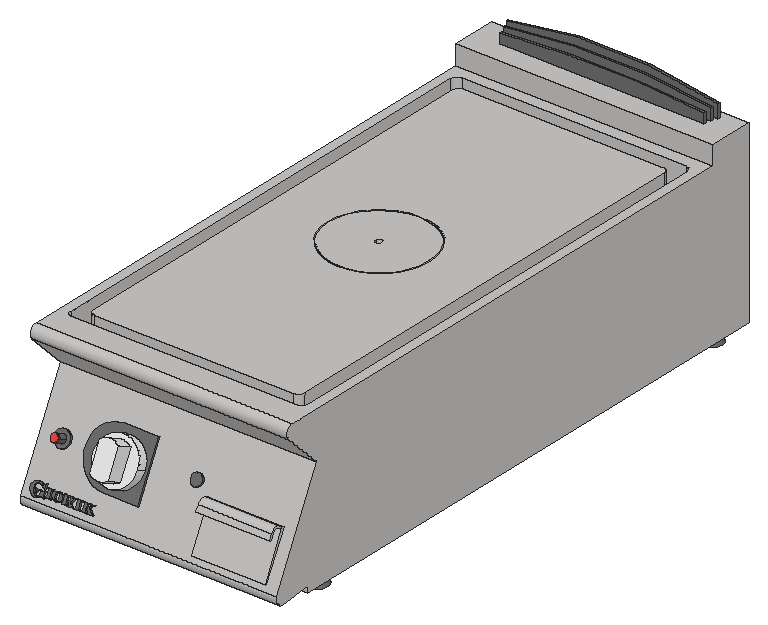
Revit family "QF_GIORIK_TG920T", category Specialty Equipment, Revit 2014
Parameters (values of type "TG920T")
  Weight in Pounds = 132.2772
  URL Cutsheet = "www.giorik.com"
  URL = "www.giorik.com"
  Status [instance] = ""
  Specification by User [instance] = ""
  Specification by Manufacturer = ""
  Show Logo [instance] = yes
  Show Clearance [instance] = yes
  Serial Number = ""
  Seismic Rating = ""
  SMACNA No = ""
  Revision Code [instance] = ""
  NAFEM Spec ID Number = ""
  Model = "TG920T"
  Mechanical Remarks [instance] = "Natural Gas"
  Mechanical Connection Type [instance] = ""
  Masterspec = ""
  Manufacturer = "GIORIK"
  Item Number [instance] = ""
  Installed By [instance] = ""
  Identify Quantity as Lot [instance] = no
  Gas Size = 1"
  Gas RI Height [instance] = 0 mm
  Gas KW = 7.5
  Gas Input = 7500 W
  Gas Connection Height [instance] = 20 mm
  Furnished By [instance] = ""
  Foodservice Equipment Identifier [instance] = yes
  Description = "GAS SOLID TOP HOB - COUNTERTOP VERSION"
  CSI MasterFormat = ""
  Assembly Code = "E1090320"
Reference planes
  plane 1 "Back": y = 0
  plane 2: z = 0
  plane 3 "Left": x = 0
  plane 4 "Right": x = 400
  plane 5 "Front": y = -920
  plane 6 "Top": z = 300
Forms (mm)
  Extrusion 1, solid, visible <- "Show Logo"
    sketch origin (-83.016, -936.624, 9.486) x (-1, 0, 0) y (0, 0.452718, 0.891654)
      loop
        line (-118.824, 58.358) -> (-127.804, 58.358) -> (-125.523, 56.445) -> (-125.523, 48.027) -> (-127.804, 46.113) -> (-118.824, 46.113) -> (-121.105, 48.027) -> (-121.105, 56.445) -> (-118.824, 58.358)
      loop
        line (-163.721, 58.358) -> (-172.7, 58.358) -> (-170.42, 56.445) -> (-170.42, 48.027) -> (-172.7, 46.113) -> (-163.721, 46.113) -> (-166.001, 48.027) -> (-166.001, 56.445) -> (-163.721, 58.358)
      loop
        line (-174.332, 58.358) -> (-183.312, 58.358) -> (-181.031, 56.445) -> (-181.031, 52.435) -> (-186.419, 56.955) -> (-184.416, 58.358) -> (-191.268, 58.358) -> (-188.01, 56.839) -> (-185.455, 54.283) -> (-190.846, 47.858) -> (-193.396, 46.93) -> (-193.396, 46.113) -> (-184.416, 46.113) -> (-185.437, 47.571) -> (-182.443, 51.552) -> (-181.031, 50.894) -> (-181.031, 48.027) -> (-183.312, 46.113) -> (-174.332, 46.113) -> (-176.613, 48.027) -> (-176.613, 56.445) -> (-174.332, 58.358)
      loop
        line (-115.429, 62.063) -> (-115.429, 54.198)
        arc (-115.429, 54.198) -> (-111.618, 57.803) -> (-106.847, 59.986) r 16.039
        arc (-106.847, 59.986) -> (-103.314, 59.837) -> (-100.512, 57.68) r 5.851
        arc (-100.512, 57.68) -> (-98.815, 52.267) -> (-100.512, 46.853) r 9.479
        arc (-100.512, 46.853) -> (-102.406, 44.986) -> (-104.846, 43.93) r 7.236
        arc (-104.846, 43.93) -> (-107.728, 44.111) -> (-110.052, 45.825) r 5.11
        line (-110.052, 45.825) -> (-110.052, 52.001) -> (-116.141, 52.001) -> (-116.141, 45.503) -> (-117.893, 43.751) -> (-114.094, 44.769)
        arc (-114.094, 44.769) -> (-112.56, 44.947) -> (-111.129, 44.366) r 3.115
        arc (-111.129, 44.366) -> (-104.216, 42.091) -> (-97.303, 44.366) r 11.641
        arc (-97.303, 44.366) -> (-93.396, 52.107) -> (-97.303, 59.849) r 9.622
        arc (-97.303, 59.849) -> (-104.369, 62.174) -> (-111.435, 59.849) r 11.898
        line (-111.435, 59.849) -> (-115.429, 62.063)
      loop
        arc (-129.234, 56.068) -> (-135.893, 58.628) -> (-142.552, 56.068) r 9.941
        arc (-142.552, 56.068) -> (-144.234, 52.286) -> (-142.552, 48.505) r 5.093
        arc (-142.552, 48.505) -> (-135.893, 45.945) -> (-129.234, 48.505) r 9.941
        arc (-129.234, 48.505) -> (-127.552, 52.286) -> (-129.234, 56.068) r 5.093
      loop
        arc (-132.628, 54.403) -> (-135.893, 57.668) -> (-139.158, 54.403) r 3.265
        line (-139.158, 54.403) -> (-139.158, 50.169)
        arc (-139.158, 50.169) -> (-135.893, 46.904) -> (-132.628, 50.169) r 3.265
        line (-132.628, 50.169) -> (-132.628, 54.403)
      loop
        arc (-156.363, 58.365) -> (-159.647, 55.081) -> (-156.363, 51.796) r 3.285
        line (-156.363, 51.796) -> (-159.529, 47.306) -> (-162.087, 46.113) -> (-155.847, 46.113) -> (-153.529, 51.083) -> (-150.637, 51.083) -> (-150.637, 47.784) -> (-153.022, 46.113) -> (-144.011, 46.113) -> (-146.094, 47.68) -> (-146.094, 56.493) -> (-144.229, 58.365) -> (-156.363, 58.365)
      loop
        line (-150.637, 57.512) -> (-153.637, 57.512)
        arc (-153.637, 57.512) -> (-156.237, 54.912) -> (-153.637, 52.312) r 2.6
        line (-153.637, 52.312) -> (-150.637, 52.312) -> (-150.637, 57.512)
      loop
        line (-108.924, 52.001) -> (-104.936, 49.005) -> (-100.948, 52.001) -> (-108.924, 52.001)
    from 1.5 to -0.5
  Extrusion 2, solid
    sketch origin (0, 800.138, -620) x (0, 1, 0) y (0, 0, 1)
      loop
        line (-800.138, 919.988) -> (-870.138, 919.988) -> (-870.138, 889.988) -> (-1688.806, 889.988)
        arc (-1688.806, 889.988) -> (-1699.151, 883.075) -> (-1696.724, 870.873) r 11.197
        line (-1696.724, 870.873) -> (-1640.876, 815.025) -> (-1718.948, 661.258)
        arc (-1718.948, 661.258) -> (-1718.233, 650.105) -> (-1708.118, 645.354) r 10.981
        line (-1708.118, 645.354) -> (-1660, 649.925) -> (-1660, 640) -> (-800.138, 640) -> (-800.138, 919.988)
    from 0 to 400
  Extrusion 3, void
    sketch origin (402.225, -199.862, 300) x (0, 1, 0) y (-1, 0, 0)
      loop
        line (109.862, 27.225) -> (109.862, 377.225)
        arc (109.862, 377.225) -> (106.933, 384.296) -> (99.862, 387.225) r 10
        line (99.862, 387.225) -> (-640.565, 387.225)
        arc (-640.565, 387.225) -> (-647.636, 384.296) -> (-650.565, 377.225) r 10
        line (-650.565, 377.225) -> (-650.565, 27.225)
        arc (-650.565, 27.225) -> (-647.636, 20.154) -> (-640.565, 17.225) r 10
        line (-640.565, 17.225) -> (99.862, 17.225)
        arc (99.862, 17.225) -> (106.933, 20.154) -> (109.862, 27.225) r 10
    from -30.012 to -70.012
  Extrusion 4, solid
    sketch origin (-397.775, -199.862, 229.988) x (0, 1, 0) y (-1, 0, 0)
      loop
        line (89.862, -752.776) -> (89.862, -442.775)
        arc (89.862, -442.775) -> (86.933, -435.704) -> (79.862, -432.775) r 10
        line (79.862, -432.775) -> (-620.565, -432.775)
        arc (-620.565, -432.775) -> (-627.636, -435.704) -> (-630.565, -442.775) r 10
        line (-630.565, -442.775) -> (-630.565, -752.776)
        arc (-630.565, -752.776) -> (-627.636, -759.847) -> (-620.565, -762.776) r 10
        line (-620.565, -762.776) -> (79.862, -762.776)
        arc (79.862, -762.776) -> (86.933, -759.847) -> (89.862, -752.776) r 10
      loop
        circle (-270.351, -597.776) r 80
    from 0 to 40
  Extrusion 5, solid
    sketch origin (-399.41, -99.931, 229.988) x (0, 1, 0) y (-1, 0, 0)
      loop
        circle (-370.282, -599.41) r 78
      loop
        circle (-370.282, -599.41) r 5
    from 0 to 40
  Extrusion 6, solid
    sketch origin (-294.488, -1163.208, -547.637) x (1, 0, 0) y (0, 0.452718, 0.891654)
      loop
        line (463.221, 676.25) -> (463.221, 766.25) -> (409.698, 766.25)
        arc (409.698, 766.25) -> (364.698, 721.25) -> (409.698, 676.25) r 45
        line (409.698, 676.25) -> (463.221, 676.25)
    from 48 to 50
  Extrusion 7, solid
    sketch origin (480.064, -1208.559, -525.041) x (-1, 0, 0) y (0, -0.45351, -0.891251)
      loop
        circle (351.331, -721.346) r 35
    from 0 to 15
  Extrusion 8, solid
    sketch origin (480.064, -1208.559, -525.041) x (-1, 0, 0) y (0, -0.45351, -0.891251)
      loop
        arc (336.331, -743.846) -> (351.331, -748.846) -> (366.331, -743.846) r 25
        line (366.331, -743.846) -> (366.331, -698.846)
        arc (366.331, -698.846) -> (351.331, -693.846) -> (336.331, -698.846) r 25
        line (336.331, -698.846) -> (336.331, -743.846)
    from 15 to 40
  Extrusion 9, solid
    sketch origin (73.883, -1180.381, -528.989) x (-1, 0, 0) y (0, -0.452718, -0.891654)
      loop
        circle (38.702, -711.666) r 12.5
    from 25 to 27
  Extrusion 10, solid
    sketch origin (800.091, -1207.364, -522.493) x (-1, 0, 0) y (0, -0.452718, -0.891654)
      loop
        circle (764.91, -718.089) r 6
    from 0 to 15
  Extrusion 11, solid
    sketch origin (800.091, -1208.4, -521.967) x (-1, 0, 0) y (0, -0.452718, -0.891654)
      loop
        circle (764.91, -718.089) r 6
    from 13.838 to 15.838
  Extrusion 12, solid
    sketch origin (-94, 0, -610.001) x (1, 0, 0) y (0, 0, 1)
      loop
        line (135, 909.989) -> (453, 909.989) -> (453, 925.527) -> (347.056, 931.749) -> (240.944, 931.749) -> (135, 925.527) -> (135, 909.989)
    from 32 to 35
  Extrusion 13, solid
    sketch origin (-92, 10, -610.001) x (1, 0, 0) y (0, 0, 1)
      loop
        line (454, 909.989) -> (454, 928.527) -> (346.162, 939.193) -> (237.838, 939.193) -> (130, 928.527) -> (130, 909.989) -> (454, 909.989)
    from 32 to 35
  Extrusion 14, solid
    sketch origin (-90, 20, -610.001) x (1, 0, 0) y (0, 0, 1)
      loop
        line (455, 909.989) -> (455, 930.527) -> (345.396, 947.413) -> (234.604, 947.413) -> (125, 930.527) -> (125, 909.989) -> (455, 909.989)
    from 32 to 35
  Extrusion 15, solid
    sketch origin (127.393, -1206.574, -437.154) x (0, 0.891654, -0.452718) y (0, 0.452718, 0.891654)
      loop
        line (40, 640.1) -> (30, 640.1)
        arc (30, 640.1) -> (22.929, 637.171) -> (20, 630.1) r 10
        line (20, 630.1) -> (20, 620.1) -> (22, 620.1) -> (22, 630.1)
        arc (22, 630.1) -> (24.343, 635.757) -> (30, 638.1) r 8
        line (30, 638.1) -> (38, 638.1) -> (38, 565.1) -> (40, 565.1) -> (40, 640.1)
    from 137.5 to 252.5
  Extrusion 16, solid
    sketch origin (278.883, -1174.326, -517.064) x (-1, 0, 0) y (0, -0.452718, -0.891654)
      loop
        circle (38.657, -711.64) r 9
    from 25 to 27
  Extrusion 17, solid
    sketch origin (-4, 0.385, 0.014) x (1, 0, 0) y (0, 1, 0)
      loop
        circle (54, -385) r 12.5
    from 5 to 20
  Extrusion 18, solid
    sketch origin (543.603, 45.278, -29.986) x (0, 1, 0) y (-1, 0, 0)
      loop
        circle (-79.293, 516.603) r 5
    from 41.965 to 50
  Revolve 19, solid
    sketch origin (27, 49.927, -599.986) x (0, 1, 0) y (0, 0, 1)
      loop
        line (-83.943, 611.965) -> (-94.752, 611.965) -> (-97.943, 600) -> (-83.943, 600) -> (-83.943, 611.965)
      axis (-83.943, 611.965) -> (-83.943, 600)
    angle from 0 to 360
  Extrusion 20, solid
    sketch origin (-143.603, 45.278, -29.986) x (0, 1, 0) y (-1, 0, 0)
      loop
        circle (-79.293, -516.603) r 5
    from 41.965 to 50
  Revolve 21, solid
    sketch origin (373, 49.927, -599.986) x (0, 1, 0) y (0, 0, -1)
      loop
        line (-83.943, -611.965) -> (-83.943, -600) -> (-97.943, -600) -> (-94.752, -611.965) -> (-83.943, -611.965)
      axis (-83.943, -611.965) -> (-83.943, -600)
    angle from 0 to 360
  Extrusion 22, solid
    sketch origin (543.603, -724.589, -29.986) x (0, 1, 0) y (-1, 0, 0)
      loop
        circle (-79.293, 516.603) r 5
    from 41.965 to 50
  Revolve 23, solid
    sketch origin (27, -719.94, -599.986) x (0, 1, 0) y (0, 0, 1)
      loop
        line (-83.943, 611.965) -> (-94.752, 611.965) -> (-97.943, 600) -> (-83.943, 600) -> (-83.943, 611.965)
      axis (-83.943, 611.965) -> (-83.943, 600)
    angle from 0 to 360
  Extrusion 24, solid
    sketch origin (-143.603, -724.589, -29.986) x (0, 1, 0) y (-1, 0, 0)
      loop
        circle (-79.293, -516.603) r 5
    from 41.965 to 50
  Revolve 25, solid
    sketch origin (373, -719.94, -599.986) x (0, 1, 0) y (0, 0, -1)
      loop
        line (-83.943, -611.965) -> (-83.943, -600) -> (-97.943, -600) -> (-94.752, -611.965) -> (-83.943, -611.965)
      axis (-83.943, -611.965) -> (-83.943, -600)
    angle from 0 to 360
Cuts and joins
  Extrusion 3 cuts Extrusion 2
Lines and regions (mm)
  symbolic lines, style "200-EquipBorder-2D"
    curve 1: line (0, -920, 0) -> (400, -920, 0)
    curve 2: line (400, -920, 0) -> (400, 0, 0)
    curve 3: line (400, 0, 0) -> (0, 0, 0)
    curve 4: line (0, 0, 0) -> (0, -920, 0)
  symbolic lines, style "200-EquipInternal-2D"
    curve 5: line (0, -70, 300) -> (400, -70, 300)
    curve 6: line (35, -12, 900) -> (365, -12, 900)
    curve 7: line (365, -12, 900) -> (365, -15, 900)
    curve 8: line (365, -15, 900) -> (35, -15, 900)
    curve 9: line (35, -15, 900) -> (35, -12, 900)
    curve 10: line (38, -22, 900) -> (362, -22, 900)
    curve 11: line (362, -22, 900) -> (362, -25, 900)
    curve 12: line (362, -25, 900) -> (38, -25, 900)
    curve 13: line (38, -25, 900) -> (38, -22, 900)
    curve 14: line (41, -32, 900) -> (359, -32, 900)
    curve 15: line (359, -32, 900) -> (359, -35, 900)
    curve 16: line (359, -35, 900) -> (41, -35, 900)
    curve 17: line (41, -35, 900) -> (41, -32, 900)
    curve 18: arc (25, -90, 300) -> (17.929, -92.929, 300) -> (15, -100, 300) r 10
    curve 19: line (375, -90, 300) -> (25, -90, 300)
    curve 20: line (355.001, -110, 300) -> (45, -110, 300)
    curve 21: line (15, -100, 300) -> (15, -840.427, 300)
    curve 22: line (35, -120, 300) -> (35, -820.427, 300)
    curve 23: arc (45, -110, 300) -> (37.929, -112.929, 300) -> (35, -120, 300) r 10
    curve 24: line (365.001, -820.427, 300) -> (365.001, -120, 300)
    curve 25: line (385, -840.427, 300) -> (385, -100, 300)
    curve 26: arc (385, -100, 300) -> (382.071, -92.929, 300) -> (375, -90, 300) r 10
    curve 27: arc (365.001, -120, 300) -> (362.072, -112.929, 300) -> (355.001, -110, 300) r 10
    curve 28: arc (15, -840.427, 300) -> (17.929, -847.498, 300) -> (25, -850.427, 300) r 10
    curve 29: arc (35, -820.427, 300) -> (37.929, -827.498, 300) -> (45, -830.427, 300) r 10
    curve 30: line (25, -850.427, 300) -> (375, -850.427, 300)
    curve 31: line (45, -830.427, 300) -> (355.001, -830.427, 300)
    curve 32: arc (355.001, -830.427, 300) -> (362.072, -827.498, 300) -> (365.001, -820.427, 300) r 10
    curve 33: arc (375, -850.427, 300) -> (382.071, -847.498, 300) -> (385, -840.427, 300) r 10
    curve 34: arc (280.001, -470.214, 300) -> (200.001, -550.214, 300) -> (120.001, -470.214, 300) r 80
    curve 35: arc (122.001, -470.214, 300) -> (200.001, -548.214, 300) -> (278.001, -470.214, 300) r 78
    curve 36: arc (205.001, -470.214, 300) -> (200.001, -475.214, 300) -> (195.001, -470.214, 300) r 5
    curve 37: arc (195.001, -470.214, 300) -> (200.001, -465.214, 300) -> (205.001, -470.214, 300) r 5
    curve 38: arc (278.001, -470.214, 300) -> (200.001, -392.214, 300) -> (122.001, -470.214, 300) r 78
    curve 39: arc (120.001, -470.214, 300) -> (200.001, -390.214, 300) -> (280.001, -470.214, 300) r 80
Dimensions and locks
  plane 3 "Left" to plane 4 "Right" = 400 mm
  plane 5 "Front" to plane 1 "Back" = 920 mm
  plane 4 "Right" to plane 3 "Left" = 400 mm
  plane 1 "Back" to plane 5 "Front" = 920 mm
  plane 6 "Top" to level = 300 mm  (x2)
  aligned and locked: level to plane 2
Connectors
  piping at (50, -384.615, 5.014), diameter 25.4, driven by "Gas Size"
    settings: on Extrusion 17, index 2, connector inside diameter 24", connector length 0 mm, flow factor 0, pipe flow 0.0 L/s, pressure drop 0.0 Pa, fitting loss kfactor 0, connector angle 0.00°, fixture units 0, engagement length 0 mm, angle of deflection 0.00°, flow configuration 0, flow direction 0, fitting loss method 0, system type 22, joint type 0, gender type 0, connector reference index -1, connector utility 0, adjustable connector no, is connector primary yes, connector description "Gas inlet"
